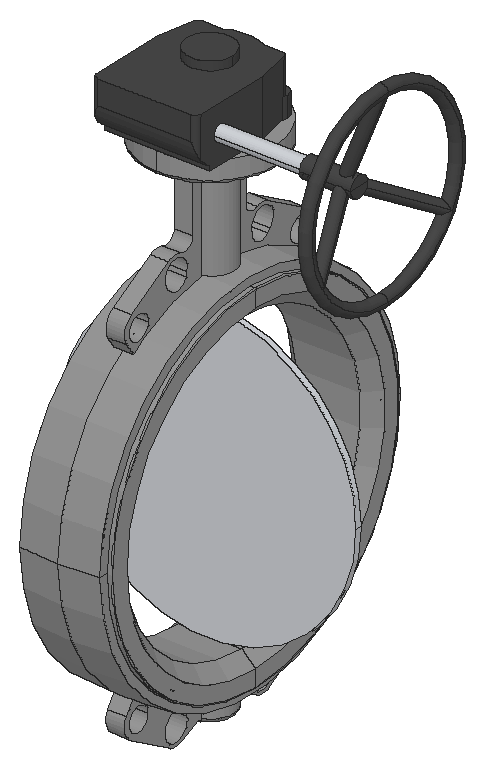
Revit family "Absperr- und Regulierklappe mit Getriebe ZF-4219", category Rohrzubehör, Revit 2019 (continued)
Automatic sketch dimensions
  Extrusion 8 sketch curve to Extrusion 8 sketch curve = 18.283 mm
  Extrusion 8 sketch curve to Extrusion 8 sketch curve = 1.34 mm  (x2)
  Extrusion 8 sketch curve to Extrusion 8 sketch curve = 29.859 mm
  Extrusion 8 sketch curve to Extrusion 8 sketch curve = 11.576 mm
  Extrusion 8 sketch curve to Extrusion 8 sketch curve = 0.007 mm  (x2)
  Extrusion 8 sketch curve to Extrusion 8 sketch curve = 11.662 mm  (x2)
  Extrusion 8 sketch curve to Extrusion 8 sketch curve = 7.405 mm
  Extrusion 8 sketch curve to Extrusion 8 sketch curve = 9.76 mm  (x2)
  Extrusion 8 sketch curve to Extrusion 8 sketch curve = 46.144 mm
  Extrusion 8 sketch curve to Extrusion 8 sketch curve = 0.006 mm
  Extrusion 8 sketch curve to Extrusion 8 sketch curve = 0.159 mm  (x2)
  Extrusion 8 sketch curve to Extrusion 8 sketch curve = 0.225 mm  (x2)
  Extrusion 8 sketch curve to Extrusion 8 sketch curve = 3.156 mm
  Extrusion 7 sketch curve to Extrusion 7 sketch curve = 0 mm  (x29)
  Extrusion 7 sketch curve to level = 0 mm
  Extrusion 7 sketch curve to plane 1 "Mitte (Vorne/hinten)" = 0 mm
  Extrusion 7 sketch curve to Extrusion 7 sketch curve = 4.987 mm  (x2)
  plane 1 "Mitte (Vorne/hinten)" to Extrusion 7 sketch curve = 42.642 mm
  Extrusion 7 sketch curve to Extrusion 7 sketch curve = 3.28 mm  (x2)
  Extrusion 7 sketch curve to Extrusion 7 sketch curve = 14.935 mm  (x2)
  Extrusion 7 sketch curve to Extrusion 7 sketch curve = 11.589 mm  (x2)
  Extrusion 7 sketch curve to Extrusion 7 sketch curve = 14.868 mm  (x2)
  Extrusion 7 sketch curve to Extrusion 7 sketch curve = 33.628 mm  (x4)
  Extrusion 7 sketch curve to Extrusion 7 sketch curve = 3.946 mm  (x4)
  Extrusion 7 sketch curve to Extrusion 7 sketch curve = 12.021 mm  (x8)
  Extrusion 7 sketch curve to Extrusion 7 sketch curve = 8.075 mm  (x8)
  plane 1 "Mitte (Vorne/hinten)" to Extrusion 7 sketch curve = 21.03 mm
  Extrusion 7 sketch curve to Extrusion 7 sketch curve = 5.5 mm
  Extrusion 7 sketch curve to Extrusion 7 sketch curve = 0.54 mm  (x2)
  Extrusion 7 sketch curve to Extrusion 7 sketch curve = 0.103 mm
  Extrusion 7 sketch curve to Extrusion 7 sketch curve = 1.99 mm  (x2)
  plane 1 "Mitte (Vorne/hinten)" to Extrusion 7 sketch curve = 18.5 mm
  Extrusion 7 sketch curve to plane 1 "Mitte (Vorne/hinten)" = 18.5 mm  (x2)
  Extrusion 7 sketch curve to Extrusion 7 sketch curve = 1.897 mm
  Extrusion 7 sketch curve to Extrusion 7 sketch curve = 2 mm
  Extrusion 7 sketch curve to Extrusion 7 sketch curve = 21.612 mm
  Extrusion 7 sketch curve to level = 59.454 mm  (x2)
  Extrusion 7 sketch curve to Extrusion 7 sketch curve = 10.049 mm  (x4)
  Extrusion 7 sketch curve to Extrusion 7 sketch curve = 20.666 mm  (x2)
  Extrusion 7 sketch curve to Extrusion 7 sketch curve = 1.725 mm  (x2)
  Extrusion 7 sketch curve to Extrusion 7 sketch curve = 12.438 mm  (x4)
  level to Extrusion 7 sketch curve = 59.454 mm  (x2)
  Extrusion 7 sketch curve to Extrusion 7 sketch curve = 15.768 mm  (x2)
  Extrusion 7 sketch curve to Extrusion 7 sketch curve = 0.361 mm  (x2)
  Extrusion 7 sketch curve to Extrusion 7 sketch curve = 69.242 mm
  Extrusion 7 sketch curve to Extrusion 7 sketch curve = 0.014 mm
  Extrusion 7 sketch curve to Extrusion 7 sketch curve = 0.29 mm  (x2)
  Extrusion 6 sketch curve to Extrusion 6 sketch curve = 0 mm  (x31)
  Extrusion 6 sketch curve to level = 0 mm
  Extrusion 6 sketch curve to plane 1 "Mitte (Vorne/hinten)" = 0 mm
  plane 1 "Mitte (Vorne/hinten)" to Extrusion 6 sketch curve = 18.5 mm  (x2)
  Extrusion 6 sketch curve to Extrusion 6 sketch curve = 1.897 mm  (x2)
  Extrusion 6 sketch curve to Extrusion 6 sketch curve = 2 mm
  Extrusion 6 sketch curve to Extrusion 6 sketch curve = 4.154 mm  (x2)
  Extrusion 6 sketch curve to Extrusion 6 sketch curve = 5.603 mm
  Extrusion 6 sketch curve to Extrusion 6 sketch curve = 12 mm  (x2)
  Extrusion 6 sketch curve to Extrusion 6 sketch curve = 21.682 mm  (x2)
  Extrusion 6 sketch curve to Extrusion 6 sketch curve = 2.182 mm  (x2)
  Extrusion 6 sketch curve to Extrusion 6 sketch curve = 11.109 mm  (x4)
  Extrusion 6 sketch curve to Extrusion 6 sketch curve = 30.529 mm  (x4)
  Extrusion 6 sketch curve to Extrusion 6 sketch curve = 4.781 mm  (x4)
  Extrusion 6 sketch curve to Extrusion 6 sketch curve = 1.414 mm  (x8)
  Extrusion 6 sketch curve to Extrusion 6 sketch curve = 7.24 mm  (x8)
  Extrusion 6 sketch curve to Extrusion 6 sketch curve = 12.021 mm  (x8)
  Extrusion 6 sketch curve to plane 1 "Mitte (Vorne/hinten)" = 18.5 mm
  Extrusion 6 sketch curve to Extrusion 6 sketch curve = 7.5 mm
  Extrusion 6 sketch curve to Extrusion 6 sketch curve = 0.103 mm
  Extrusion 6 sketch curve to level = 50.036 mm  (x2)
  Extrusion 6 sketch curve to Extrusion 6 sketch curve = 17.112 mm  (x2)
  Extrusion 6 sketch curve to Extrusion 6 sketch curve = 9.185 mm  (x4)
  Extrusion 6 sketch curve to Extrusion 6 sketch curve = 20.608 mm  (x2)
  Extrusion 6 sketch curve to Extrusion 6 sketch curve = 12.868 mm  (x3)
  Extrusion 6 sketch curve to Extrusion 6 sketch curve = 9.096 mm  (x2)
  level to Extrusion 6 sketch curve = 50.036 mm  (x2)
  Extrusion 6 sketch curve to Extrusion 6 sketch curve = 17 mm
  Extrusion 6 sketch curve to Extrusion 6 sketch curve = 56.845 mm
  Extrusion 6 sketch curve to Extrusion 6 sketch curve = 0.017 mm
  Extrusion 6 sketch curve to Extrusion 6 sketch curve = 0.29 mm  (x2)
  Extrusion 5 sketch curve to Extrusion 5 sketch curve = 0 mm  (x25)
  Extrusion 5 sketch curve to level = 0 mm
  Extrusion 5 sketch curve to plane 1 "Mitte (Vorne/hinten)" = 0 mm
  plane 1 "Mitte (Vorne/hinten)" to Extrusion 5 sketch curve = 18.5 mm  (x2)
  Extrusion 5 sketch curve to Extrusion 5 sketch curve = 0.579 mm  (x2)
  Extrusion 5 sketch curve to Extrusion 5 sketch curve = 1.897 mm  (x2)
  Extrusion 5 sketch curve to Extrusion 5 sketch curve = 0.103 mm
  Extrusion 5 sketch curve to Extrusion 5 sketch curve = 5.603 mm
  Extrusion 5 sketch curve to Extrusion 5 sketch curve = 15.942 mm  (x4)
  Extrusion 5 sketch curve to Extrusion 5 sketch curve = 13 mm  (x2)
  Extrusion 5 sketch curve to Extrusion 5 sketch curve = 11.367 mm  (x4)
  Extrusion 5 sketch curve to Extrusion 5 sketch curve = 25.663 mm  (x4)
  Extrusion 5 sketch curve to Extrusion 5 sketch curve = 4.027 mm  (x4)
  Extrusion 5 sketch curve to Extrusion 5 sketch curve = 12.021 mm  (x5)
  Extrusion 5 sketch curve to Extrusion 5 sketch curve = 9.55 mm  (x4)
  Extrusion 5 sketch curve to Extrusion 5 sketch curve = 7.5 mm
  Extrusion 5 sketch curve to plane 1 "Mitte (Vorne/hinten)" = 18.5 mm  (x2)
  Extrusion 5 sketch curve to Extrusion 5 sketch curve = 2 mm
  Extrusion 5 sketch curve to level = 38.887 mm  (x2)
  Extrusion 5 sketch curve to Extrusion 5 sketch curve = 10.986 mm  (x3)
  Extrusion 5 sketch curve to Extrusion 5 sketch curve = 10.231 mm  (x3)
  Extrusion 5 sketch curve to Extrusion 5 sketch curve = 10.467 mm  (x4)
  Extrusion 5 sketch curve to Extrusion 5 sketch curve = 12.18 mm  (x2)
  Extrusion 5 sketch curve to Extrusion 5 sketch curve = 12.641 mm  (x4)
  Extrusion 5 sketch curve to Extrusion 5 sketch curve = 9.983 mm  (x2)
  level to Extrusion 5 sketch curve = 38.887 mm  (x2)
  Extrusion 5 sketch curve to Extrusion 5 sketch curve = 21.217 mm
  Extrusion 5 sketch curve to Extrusion 5 sketch curve = 16.969 mm  (x2)
  Extrusion 5 sketch curve to Extrusion 5 sketch curve = 51.117 mm
  Extrusion 5 sketch curve to Extrusion 5 sketch curve = 0.01 mm
  Extrusion 5 sketch curve to Extrusion 5 sketch curve = 0.29 mm  (x2)
  level to Extrusion 5 sketch curve = 49.873 mm
  Extrusion 4 sketch curve to Extrusion 4 sketch curve = 0 mm  (x28)
  Extrusion 4 sketch curve to level = 0 mm
  Extrusion 4 sketch curve to plane 1 "Mitte (Vorne/hinten)" = 0 mm
  plane 1 "Mitte (Vorne/hinten)" to Extrusion 4 sketch curve = 18.5 mm  (x2)
  Extrusion 4 sketch curve to Extrusion 4 sketch curve = 1.897 mm  (x2)
  Extrusion 4 sketch curve to Extrusion 4 sketch curve = 0.103 mm  (x2)
  Extrusion 4 sketch curve to Extrusion 4 sketch curve = 5.603 mm  (x2)
  Extrusion 4 sketch curve to Extrusion 4 sketch curve = 12.115 mm  (x4)
  Extrusion 4 sketch curve to Extrusion 4 sketch curve = 9 mm  (x2)
  Extrusion 4 sketch curve to Extrusion 4 sketch curve = 11.39 mm  (x2)
  Extrusion 4 sketch curve to Extrusion 4 sketch curve = 7.005 mm  (x2)
  Extrusion 4 sketch curve to Extrusion 4 sketch curve = 22.772 mm  (x4)
  Extrusion 4 sketch curve to Extrusion 4 sketch curve = 4.597 mm  (x4)
  Extrusion 4 sketch curve to Extrusion 4 sketch curve = 1.485 mm  (x4)
  Extrusion 4 sketch curve to Extrusion 4 sketch curve = 12.021 mm  (x4)
  Extrusion 4 sketch curve to Extrusion 4 sketch curve = 9.247 mm  (x4)
  Extrusion 4 sketch curve to plane 1 "Mitte (Vorne/hinten)" = 18.5 mm  (x2)
  Extrusion 4 sketch curve to level = 31.935 mm  (x2)
  Extrusion 4 sketch curve to Extrusion 4 sketch curve = 1.34 mm  (x4)
  Extrusion 4 sketch curve to Extrusion 4 sketch curve = 10.245 mm  (x4)
  Extrusion 4 sketch curve to Extrusion 4 sketch curve = 9.866 mm  (x4)
  Extrusion 4 sketch curve to Extrusion 4 sketch curve = 9.447 mm  (x4)
  Extrusion 4 sketch curve to Extrusion 4 sketch curve = 11.077 mm  (x4)
  Extrusion 4 sketch curve to Extrusion 4 sketch curve = 11.926 mm  (x2)
  level to Extrusion 4 sketch curve = 31.935 mm  (x2)
  Extrusion 4 sketch curve to Extrusion 4 sketch curve = 12.62 mm  (x2)
  Extrusion 4 sketch curve to Extrusion 4 sketch curve = 12.99 mm  (x2)
  Extrusion 4 sketch curve to Extrusion 4 sketch curve = 41.354 mm
  Extrusion 4 sketch curve to Extrusion 4 sketch curve = 0.018 mm
  Extrusion 4 sketch curve to Extrusion 4 sketch curve = 0.29 mm  (x2)
  Extrusion 3 sketch curve to Extrusion 3 sketch curve = 0 mm  (x23)
  Extrusion 3 sketch curve to level = 0 mm
  Extrusion 3 sketch curve to plane 1 "Mitte (Vorne/hinten)" = 0 mm
  plane 1 "Mitte (Vorne/hinten)" to Extrusion 3 sketch curve = 18 mm
  Extrusion 3 sketch curve to Extrusion 3 sketch curve = 1.897 mm  (x2)
  Extrusion 3 sketch curve to Extrusion 3 sketch curve = 0.103 mm  (x2)
  plane 1 "Mitte (Vorne/hinten)" to Extrusion 3 sketch curve = 22.391 mm
  Extrusion 3 sketch curve to Extrusion 3 sketch curve = 1.414 mm  (x14)
  Extrusion 3 sketch curve to Extrusion 3 sketch curve = 6.103 mm  (x2)
  Extrusion 3 sketch curve to Extrusion 3 sketch curve = 2 mm  (x2)
  Extrusion 3 sketch curve to Extrusion 3 sketch curve = 7.709 mm  (x4)
  Extrusion 3 sketch curve to Extrusion 3 sketch curve = 13.318 mm  (x5)
  Extrusion 3 sketch curve to Extrusion 3 sketch curve = 15.842 mm  (x5)
  Extrusion 3 sketch curve to Extrusion 3 sketch curve = 10.233 mm
  Extrusion 3 sketch curve to Extrusion 3 sketch curve = 3.184 mm  (x7)
  Extrusion 3 sketch curve to Extrusion 3 sketch curve = 6.315 mm  (x8)
  Extrusion 3 sketch curve to Extrusion 3 sketch curve = 3.021 mm  (x4)
  Extrusion 3 sketch curve to Extrusion 3 sketch curve = 5.303 mm  (x8)
  Extrusion 3 sketch curve to level = 23.805 mm  (x2)
  Extrusion 3 sketch curve to Extrusion 3 sketch curve = 3.106 mm  (x6)
  level to Extrusion 3 sketch curve = 23.805 mm  (x2)
  Extrusion 3 sketch curve to Extrusion 3 sketch curve = 6.654 mm  (x4)
  Extrusion 3 sketch curve to Extrusion 3 sketch curve = 9.77 mm  (x4)
  Extrusion 3 sketch curve to plane 1 "Mitte (Vorne/hinten)" = 18 mm
  Extrusion 3 sketch curve to plane 1 "Mitte (Vorne/hinten)" = 22.391 mm
  Extrusion 3 sketch curve to Extrusion 3 sketch curve = 5.708 mm  (x2)
  Extrusion 3 sketch curve to Extrusion 3 sketch curve = 3.131 mm
  level to Extrusion 3 sketch curve = 42.831 mm
  Extrusion 3 sketch curve to Extrusion 3 sketch curve = 4.045 mm
  Extrusion 3 sketch curve to Extrusion 3 sketch curve = 12.379 mm
  Extrusion 3 sketch curve to Extrusion 3 sketch curve = 68.43 mm
  Extrusion 3 sketch curve to Extrusion 3 sketch curve = 0.003 mm
  Extrusion 3 sketch curve to Extrusion 3 sketch curve = 0.316 mm  (x2)
  curve 12 to level = 0 mm
  curve 12 to plane 3 "Mitte (Links/rechts)" = 0 mm
  plane 1 "Mitte (Vorne/hinten)" to curve 6 = 0 mm
  curve 6 to plane 3 "Mitte (Links/rechts)" = 0 mm
  Revolve 1 sketch curve to plane 1 "Mitte (Vorne/hinten)" = 0 mm
  Revolve 1 sketch curve to Revolve 1 sketch curve = 0.987 mm
  Revolve 1 sketch curve to Revolve 1 sketch curve = 1.5 mm  (x4)
  Revolve 1 sketch curve to Revolve 1 sketch curve = 0.513 mm
  Revolve 1 sketch curve to Revolve 1 sketch curve = 0.915 mm  (x2)
  Revolve 1 sketch curve to Revolve 1 sketch curve = 1978.5 mm  (x2)
  Revolve 11 sketch curve to plane 1 "Mitte (Vorne/hinten)" = 0 mm  (x2)
  Revolve 11 sketch curve to Revolve 11 sketch curve = 3 mm
  Revolve 11 sketch curve to Revolve 11 sketch curve = 459.992 mm
  level to Revolve 11 sketch curve = 2741.474 mm
  Revolve 12 sketch curve to plane 1 "Mitte (Vorne/hinten)" = 0 mm  (x3)
  Revolve 12 sketch curve to Revolve 12 sketch curve = 1.895 mm
  Revolve 12 sketch curve to Revolve 12 sketch curve = 2 mm  (x2)
  Revolve 12 sketch curve to Revolve 12 sketch curve = 0.105 mm
  Revolve 12 sketch curve to level = 520.992 mm
  Revolve 12 sketch curve to Revolve 12 sketch curve = 2616.474 mm
  Revolve 13 sketch curve to level = 0 mm
  Revolve 13 sketch curve to Revolve 13 sketch curve = 1.492 mm
  Revolve 13 sketch curve to Revolve 13 sketch curve = 0.18 mm  (x2)
  Revolve 13 sketch curve to Revolve 13 sketch curve = 5.027 mm
  Revolve 13 sketch curve to Revolve 13 sketch curve = 1 mm
  Revolve 13 sketch curve to Revolve 13 sketch curve = 0.999 mm  (x2)
  Revolve 13 sketch curve to Revolve 13 sketch curve = 0.27 mm
  Revolve 13 sketch curve to Revolve 13 sketch curve = 0.957 mm
  Revolve 13 sketch curve to Revolve 13 sketch curve = 1328.99 mm
  Revolve 13 sketch curve to Revolve 13 sketch curve = 1875.983 mm
  Extrusion 14 sketch curve to level = 0 mm
  Extrusion 14 sketch curve to plane 3 "Mitte (Links/rechts)" = 0 mm
  radius of Extrusion 10 sketch curve = 12 mm  (x4)
  radius of Extrusion 9 sketch curve = 9.5 mm  (x4)
  radius of Extrusion 9 sketch curve = 14 mm  (x4)
  radius of Extrusion 7 sketch curve = 11.5 mm  (x4)
  radius of Extrusion 7 sketch curve = 9.5 mm  (x4)
  radius of Extrusion 6 sketch curve = 9.5 mm  (x8)
  radius of Extrusion 5 sketch curve = 9.5 mm  (x8)
  radius of Extrusion 4 sketch curve = 9.5 mm  (x8)
  radius of curve 12 = 7 mm
  radius of curve 6 = 5 mm
Nested families
  nested 1: "Herz-Logo-vorne" at (-23, 0, 197.5), type "Herz-Logo-vorne"
  nested 2: "Getriebe für Klappe DN50-DN200" at (0, 0, 125), visible <- "DN 50", type "Getriebe für Klappe DN50-DN200"
  nested 3: "Getriebe für Klappe DN50-DN200" at (0, 0, 149.5), visible <- "DN 65", type "Getriebe für Klappe DN50-DN200"
  nested 4: "Getriebe für Klappe DN50-DN200" at (0, 0, 156.5), visible <- "DN 80", type "Getriebe für Klappe DN50-DN200"
  nested 5: "Getriebe für Klappe DN50-DN200" at (0, 0, 182), visible <- "DN100", type "Getriebe für Klappe DN50-DN200"
  nested 6: "Getriebe für Klappe DN50-DN200" at (0, 0, 201), visible <- "DN125", type "Getriebe für Klappe DN50-DN200"
  nested 7: "Getriebe für Klappe DN50-DN200" at (0, 0, 214), visible <- "DN150", type "Getriebe für Klappe DN50-DN200"
  nested 8: "Getriebe für Klappe DN50-DN200" at (0, 0, 245), visible <- "DN200", type "Getriebe für Klappe DN50-DN200"
  nested 9: "Getriebe für Klappe DN250-DN300" at (0, 0, 283), visible <- "DN250", type "Getriebe für Klappe DN250-DN300"
  nested 10: "Getriebe für Klappe DN250-DN300" at (0, 0, 308), visible <- "DN300", type "Getriebe für Klappe DN250-DN300"
Connectors
  piping at (44.7, 0, 0), diameter 300, driven by "Nennweite"
    settings: on Revolve 13, index 1, connector inside diameter 609.6 mm, connector length 0 mm, flow factor 0, pipe flow 0.0 L/s, pressure drop 0.0 Pa, fitting loss kfactor 0, connector angle 0.00°, fixture units 0, engagement length 0 mm, angle of deflection 0.00°, flow configuration 0, flow direction 0, fitting loss method 0, system type 29, joint type 0, gender type 0, connector reference index -1, connector utility 0, adjustable connector no, is connector primary yes, connector description ""
  piping at (-44.7, 0, 0), diameter 300, driven by "Nennweite"
    settings: on Revolve 13, index 2, connector inside diameter 609.6 mm, connector length 0 mm, flow factor 0, pipe flow 0.0 L/s, pressure drop 0.0 Pa, fitting loss kfactor 0, connector angle 0.00°, fixture units 0, engagement length 0 mm, angle of deflection 0.00°, flow configuration 0, flow direction 0, fitting loss method 0, system type 29, joint type 0, gender type 0, connector reference index -1, connector utility 0, adjustable connector no, is connector primary no, connector description ""
Definition of nested family "Herz-Logo-vorne"
  Reference planes
    plane 1 "Mitte (Vorne/hinten)": y = 0
    plane 2: z = 0
    plane 3 "Mitte (Links/rechts)": x = 0
  Forms (mm)
    Extrusion 1, solid
      sketch origin (0.732, -0.018, 0.017) x (0, -1, 0) y (0, 0, 1)
        loop
          line (-0.018, -4.517) -> (4.482, -4.517) -> (4.482, 4.483) -> (-4.518, 4.483) -> (-4.518, -4.517) -> (-0.018, -4.517)
        loop
          line (-0.05, -3.48) -> (3.482, -3.48) -> (3.482, 3.483) -> (-3.518, 3.483) -> (-3.518, -3.48) -> (-0.05, -3.48)
        loop
          arc (-0.018, 2.383) -> (-1.543, 3.287) -> (-3.067, 2.383) r 1.738
          arc (-3.067, 2.383) -> (-3.191, 1.899) -> (-3.067, 1.415) r 1.009
          line (-3.067, 1.415) -> (-0.018, -3.281) -> (3.032, 1.415)
          arc (3.032, 1.415) -> (3.156, 1.899) -> (3.032, 2.383) r 1.009
          arc (3.032, 2.383) -> (1.507, 3.287) -> (-0.018, 2.383) r 1.738
        loop
          arc (1.885, 1.272) -> (2.005, 1.675) -> (1.885, 2.079) r 0.74
          arc (1.885, 2.079) -> (1.265, 2.416) -> (0.644, 2.079) r 0.74
          line (0.644, 2.079) -> (-0.018, 0.97) -> (-0.679, 2.079)
          arc (-0.679, 2.079) -> (-1.3, 2.416) -> (-1.921, 2.079) r 0.74
          arc (-1.921, 2.079) -> (-2.04, 1.675) -> (-1.921, 1.272) r 0.74
          line (-1.921, 1.272) -> (-0.018, -1.658) -> (1.885, 1.272)
      from 0 to 1.5
  Dimensions and locks
    aligned and locked: level to plane 2
Definition of nested family "Getriebe für Klappe DN50-DN200"
  Parameters (values of type "Getriebe für Klappe DN50-DN200")
    W01 = 11.19°  # constant formula
    URL = "www.herz-armaturen.at"
    R07 = 92 mm  # constant formula
    R06 = 6 mm  # constant formula
    R05 = 10 mm  # constant formula
    R04 = 7.5 mm  # constant formula
    R03 = 10.5 mm  # constant formula
    R02 = 5.4 mm  # constant formula
    R01 = 44.9 mm  # constant formula
    M01 = 37 mm  # constant formula
    L03 = 52 mm  # constant formula
    L02 = 39.6 mm  # constant formula
    L01 = 80 mm  # constant formula
    Manufacturer = "Herz-Armaturen GmbH"  # constant formula
    H03 = 28.6 mm  # constant formula
    H02 = 20 mm  # constant formula
    H01 = 54 mm  # constant formula
    B05 = 209 mm  # constant formula
    B04 = 22 mm  # constant formula
    B03 = 50 mm  # constant formula
    B02 = 159 mm  # constant formula
    B01 = 51 mm  # constant formula
    A01 = 28.6 mm  # constant formula
  Reference planes
    plane 1 "Mitte (Vorne/hinten)": y = 0
    plane 2: z = 0
    plane 3 "Mitte (Links/rechts)": x = 0
  Forms (mm)
    Extrusion 1, solid, detail levels fine
      sketch origin (0, 0, 0) x (1, 0, 0) y (0, 1, 0)
        loop
          line (51, 0) -> (43.999, 35.392)
          arc (43.999, 35.392) -> (42.103, 38.419) -> (38.732, 39.6) r 5.4
          line (38.732, 39.6) -> (20.252, 39.6)
          arc (20.252, 39.6) -> (0, 44.427) -> (-20.252, 39.6) r 44.9
          line (-20.252, 39.6) -> (-38.732, 39.6)
          arc (-38.732, 39.6) -> (-42.103, 38.419) -> (-43.999, 35.392) r 5.4
          line (-43.999, 35.392) -> (-51, 0) -> (-51, -74.6)
          arc (-51, -74.6) -> (-49.418, -78.418) -> (-45.6, -80) r 5.4
          line (-45.6, -80) -> (45.6, -80)
          arc (45.6, -80) -> (49.418, -78.418) -> (51, -74.6) r 5.4
          line (51, -74.6) -> (51, 0)
      from 0 to 54
    Extrusion 2, solid, detail levels fine
      sketch origin (0, 0, 0) x (1, 0, 0) y (0, 1, 0)
        loop
          circle (-35.7, 37) r 10.5
        loop
          circle (35.7, 37) r 10.5
      from 0 to 20
    Extrusion 3, void
      sketch origin (0, 0, 0) x (0, 1, 0) y (0, 0, 1)
        loop
          line (-80, 0) -> (-64.573, 0) -> (-64.573, 4.9)
          arc (-64.573, 4.9) -> (-75.841, 15.433) -> (-80, 30.286) r 28.6
          line (-80, 30.286) -> (-80, 0)
      from -51 to 51
    Revolve 4, solid, detail levels fine
      sketch origin (0, 0, 28.6) x (1, 0, 0) y (0, 1, 0)
        loop
          line (0, -52) -> (0, -59.5) -> (159, -59.5) -> (159, -52) -> (0, -52)
        axis (0, -52) -> (159, -52)
      angle from 0 to 360
    Extrusion 5, solid, detail levels fine
      sketch origin (0, 0, 0) x (1, 0, 0) y (0, 1, 0)
        loop
          circle (0, 0) r 22.3
      from 54 to 63
    Revolve 6, solid, detail levels fine
      sketch origin (0, -52, 28.6) x (1, 0, 0) y (0, 0, 1)
        loop
          circle (209, 92) r 6
        axis (203, 0) -> (215, 0)
      angle from 0 to 360
    Revolve 7, solid, detail levels fine
      sketch origin (0, -52, 0) x (1, 0, 0) y (0, 0, 1)
        loop
          line (209, 120.6) -> (172, 28.6) -> (177.567, 26.361) -> (214.567, 118.361) -> (209, 120.6)
        axis (172, 28.6) -> (209, 120.6)
      angle from 0 to 360
    Revolve 8, solid, detail levels fine
      sketch origin (0, 0, 28.6) x (1, 0, 0) y (0, 1, 0)
        loop
          line (137, -59.5) -> (137, -62) -> (187, -62) -> (187, -52) -> (159, -52) -> (159, -59.5) -> (137, -59.5)
        axis (137, -52) -> (187, -52)
      angle from 0 to 360
    Revolve 9, solid, detail levels fine
      sketch origin (0, -27.232, 42.9) x (1, 0, 0) y (0, -0.866025, -0.5)
        loop
          line (209, 120.6) -> (172, 28.6) -> (177.567, 26.361) -> (214.567, 118.361) -> (209, 120.6)
        axis (172, 28.6) -> (209, 120.6)
      angle from 0 to 360
    Revolve 10, solid, detail levels fine
      sketch origin (0, -76.768, 42.9) x (1, 0, 0) y (0, 0.866025, -0.5)
        loop
          line (209, 120.6) -> (172, 28.6) -> (177.567, 26.361) -> (214.567, 118.361) -> (209, 120.6)
        axis (172, 28.6) -> (209, 120.6)
      angle from 0 to 360
  Cuts and joins
    Extrusion 3 cuts Extrusion 1
  Dimensions and locks
    "B01": Extrusion 1 sketch curve to plane 3 "Mitte (Links/rechts)"
    "B01": plane 3 "Mitte (Links/rechts)" to Extrusion 1 sketch curve
    "L02": plane 1 "Mitte (Vorne/hinten)" to Extrusion 1 sketch curve  (x2)
    "L01": Extrusion 1 sketch curve to plane 1 "Mitte (Vorne/hinten)"
    "M01": plane 1 "Mitte (Vorne/hinten)" to Extrusion 2 sketch curve  (x2)
    "H01": Extrusion 1 to plane 2
    "H02": Extrusion 2 to plane 2
    "L03": Revolve 4 sketch curve to plane 1 "Mitte (Vorne/hinten)"
    "R04": Revolve 4 sketch curve to Revolve 4 sketch curve
    "B02": Revolve 4 sketch curve to Revolve 4 sketch curve
    "H03": Revolve 8 to plane 2
    "H03": Revolve 4 to plane 2
    "L03": Revolve 8 sketch curve to plane 1 "Mitte (Vorne/hinten)"
    "B02": plane 3 "Mitte (Links/rechts)" to Revolve 8 sketch curve
    "R05": Revolve 8 sketch curve to Revolve 8 sketch curve
    "B03": Revolve 8 sketch curve to Revolve 8 sketch curve
    "B04": Revolve 8 sketch curve to Revolve 8 sketch curve
    "R04": Revolve 8 sketch curve to Revolve 8 sketch curve
    "B05": Revolve 6 sketch curve to plane 3 "Mitte (Links/rechts)"
    "R07": Revolve 6 sketch curve to Revolve 6 sketch curve
    "A01": plane 2 to Revolve 6 sketch curve
    "R02": radius of Extrusion 1 sketch curve  (x4)
    "R01": radius of Extrusion 1 sketch curve
    "R03": radius of Extrusion 2 sketch curve  (x2)
    "R06": radius of Revolve 6 sketch curve
    "W01": angle Extrusion 1 sketch curve to Extrusion 1 sketch curve  (x2)
    aligned and locked: level to plane 2
  Automatic sketch dimensions
    Extrusion 3 sketch curve to level = 0 mm
    plane 1 "Mitte (Vorne/hinten)" to Extrusion 3 sketch curve = 80 mm
    Extrusion 3 sketch curve to Extrusion 3 sketch curve = 15.427 mm
    Extrusion 3 sketch curve to Extrusion 3 sketch curve = 13.173 mm
    level to Extrusion 3 sketch curve = 4.9 mm
    plane 1 "Mitte (Vorne/hinten)" to Extrusion 5 sketch curve = 0 mm
    Extrusion 5 sketch curve to plane 3 "Mitte (Links/rechts)" = 0 mm
    level to Revolve 7 sketch curve = 28.6 mm  (x2)
    plane 3 "Mitte (Links/rechts)" to Revolve 7 sketch curve = 172 mm
    level to Revolve 7 sketch curve = 26.361 mm
    Revolve 7 sketch curve to Revolve 7 sketch curve = 5.567 mm
    level to Revolve 7 sketch curve = 120.6 mm
    Revolve 7 sketch curve to Revolve 7 sketch curve = 0 mm  (x3)
    plane 3 "Mitte (Links/rechts)" to Revolve 10 sketch curve = 172 mm
    Revolve 10 sketch curve to Revolve 10 sketch curve = 5.567 mm
    Revolve 10 sketch curve to Revolve 10 sketch curve = 37 mm
    Revolve 10 sketch curve to Revolve 10 sketch curve = 2.239 mm
    Revolve 10 sketch curve to Revolve 10 sketch curve = 0 mm  (x4)
    plane 3 "Mitte (Links/rechts)" to Revolve 9 sketch curve = 172 mm
    Revolve 9 sketch curve to Revolve 9 sketch curve = 5.567 mm
    Revolve 9 sketch curve to Revolve 9 sketch curve = 37 mm
    Revolve 9 sketch curve to Revolve 9 sketch curve = 2.239 mm
    Revolve 9 sketch curve to Revolve 9 sketch curve = 0 mm  (x4)
    Extrusion 1 sketch curve to plane 3 "Mitte (Links/rechts)" = 0 mm
    plane 1 "Mitte (Vorne/hinten)" to Extrusion 1 sketch curve = 0 mm  (x2)
    Extrusion 1 sketch curve to plane 1 "Mitte (Vorne/hinten)" = 35.392 mm
    Extrusion 1 sketch curve to Extrusion 1 sketch curve = 18.48 mm  (x2)
    Extrusion 2 sketch curve to plane 3 "Mitte (Links/rechts)" = 35.7 mm
    plane 3 "Mitte (Links/rechts)" to Extrusion 2 sketch curve = 35.7 mm
    Revolve 4 sketch curve to plane 3 "Mitte (Links/rechts)" = 0 mm  (x2)
    Revolve 4 sketch curve to Revolve 4 sketch curve = 0 mm  (x2)
    Revolve 6 sketch curve to plane 3 "Mitte (Links/rechts)" = 1506.53 mm
    Revolve 6 sketch curve to Revolve 6 sketch curve = 1630.148 mm
    Revolve 8 sketch curve to Revolve 8 sketch curve = 7.5 mm
    Revolve 8 sketch curve to Revolve 8 sketch curve = 0 mm  (x2)
    radius of Extrusion 5 sketch curve = 22.3 mm
Definition of nested family "Getriebe für Klappe DN250-DN300"
  Parameters (values of type "Getriebe für Klappe DN250-DN300")
    W01 = 11.19°  # constant formula
    URL = "www.herz-armaturen.at"
    R07 = 92 mm  # constant formula
    R06 = 6 mm  # constant formula
    R05 = 10 mm  # constant formula
    R04 = 7.5 mm  # constant formula
    R03 = 10.5 mm  # constant formula
    R02 = 5.4 mm  # constant formula
    R01 = 44.9 mm  # constant formula
    M01 = 37 mm  # constant formula
    L03 = 52 mm  # constant formula
    L02 = 39.6 mm  # constant formula
    L01 = 80 mm  # constant formula
    Manufacturer = "Herz-Armaturen GmbH"  # constant formula
    H03 = 28.6 mm  # constant formula
    H02 = 20 mm  # constant formula
    H01 = 54 mm  # constant formula
    B05 = 209 mm  # constant formula
    B04 = 22 mm  # constant formula
    B03 = 50 mm  # constant formula
    B02 = 159 mm  # constant formula
    B01 = 51 mm  # constant formula
    A01 = 28.6 mm  # constant formula
  Reference planes
    plane 1 "Mitte (Vorne/hinten)": y = 0
    plane 2: z = 0
    plane 3 "Mitte (Links/rechts)": x = 0
  Forms (mm)
    Extrusion 1, solid, detail levels fine
      sketch origin (0, 0, 0) x (1, 0, 0) y (0, 1, 0)
        loop
          line (51, 0) -> (43.999, 35.392)
          arc (43.999, 35.392) -> (42.103, 38.419) -> (38.732, 39.6) r 5.4
          line (38.732, 39.6) -> (20.252, 39.6)
          arc (20.252, 39.6) -> (0, 44.427) -> (-20.252, 39.6) r 44.9
          line (-20.252, 39.6) -> (-38.732, 39.6)
          arc (-38.732, 39.6) -> (-42.103, 38.419) -> (-43.999, 35.392) r 5.4
          line (-43.999, 35.392) -> (-51, 0) -> (-51, -74.6)
          arc (-51, -74.6) -> (-49.418, -78.418) -> (-45.6, -80) r 5.4
          line (-45.6, -80) -> (45.6, -80)
          arc (45.6, -80) -> (49.418, -78.418) -> (51, -74.6) r 5.4
          line (51, -74.6) -> (51, 0)
      from 0 to 54
    Extrusion 2, solid, detail levels fine
      sketch origin (0, 0, 0) x (1, 0, 0) y (0, 1, 0)
        loop
          circle (-35.7, 37) r 10.5
        loop
          circle (35.7, 37) r 10.5
      from 0 to 20
    Extrusion 3, void
      sketch origin (0, 0, 0) x (0, 1, 0) y (0, 0, 1)
        loop
          line (-80, 0) -> (-64.573, 0) -> (-64.573, 4.9)
          arc (-64.573, 4.9) -> (-75.841, 15.433) -> (-80, 30.286) r 28.6
          line (-80, 30.286) -> (-80, 0)
      from -51 to 51
    Revolve 4, solid, detail levels fine
      sketch origin (0, 0, 28.6) x (1, 0, 0) y (0, 1, 0)
        loop
          line (0, -52) -> (0, -59.5) -> (159, -59.5) -> (159, -52) -> (0, -52)
        axis (0, -52) -> (159, -52)
      angle from 0 to 360
    Extrusion 5, solid, detail levels fine
      sketch origin (0, 0, 0) x (1, 0, 0) y (0, 1, 0)
        loop
          circle (0, 0) r 22.3
      from 54 to 62.5
    Revolve 6, solid, detail levels fine
      sketch origin (0, -52, 28.6) x (1, 0, 0) y (0, 0, 1)
        loop
          circle (209, 92) r 6
        axis (203, 0) -> (215, 0)
      angle from 0 to 360
    Revolve 7, solid, detail levels fine
      sketch origin (0, -52, 0) x (1, 0, 0) y (0, 0, 1)
        loop
          line (209, 120.6) -> (172, 28.6) -> (177.567, 26.361) -> (214.567, 118.361) -> (209, 120.6)
        axis (172, 28.6) -> (209, 120.6)
      angle from 0 to 360
    Revolve 8, solid, detail levels fine
      sketch origin (0, 0, 28.6) x (1, 0, 0) y (0, 1, 0)
        loop
          line (137, -59.5) -> (137, -62) -> (187, -62) -> (187, -52) -> (159, -52) -> (159, -59.5) -> (137, -59.5)
        axis (137, -52) -> (187, -52)
      angle from 0 to 360
    Revolve 9, solid, detail levels fine
      sketch origin (0, -27.232, 42.9) x (1, 0, 0) y (0, -0.866025, -0.5)
        loop
          line (209, 120.6) -> (172, 28.6) -> (177.567, 26.361) -> (214.567, 118.361) -> (209, 120.6)
        axis (172, 28.6) -> (209, 120.6)
      angle from 0 to 360
    Revolve 10, solid, detail levels fine
      sketch origin (0, -76.768, 42.9) x (1, 0, 0) y (0, 0.866025, -0.5)
        loop
          line (209, 120.6) -> (172, 28.6) -> (177.567, 26.361) -> (214.567, 118.361) -> (209, 120.6)
        axis (172, 28.6) -> (209, 120.6)
      angle from 0 to 360
  Cuts and joins
    Extrusion 3 cuts Extrusion 1
  Dimensions and locks
    "B01": Extrusion 1 sketch curve to plane 3 "Mitte (Links/rechts)"
    "B01": plane 3 "Mitte (Links/rechts)" to Extrusion 1 sketch curve
    "L02": plane 1 "Mitte (Vorne/hinten)" to Extrusion 1 sketch curve  (x2)
    "L01": Extrusion 1 sketch curve to plane 1 "Mitte (Vorne/hinten)"
    "M01": plane 1 "Mitte (Vorne/hinten)" to Extrusion 2 sketch curve  (x2)
    "H01": Extrusion 1 to plane 2
    "H02": Extrusion 2 to plane 2
    "L03": Revolve 4 sketch curve to plane 1 "Mitte (Vorne/hinten)"
    "R04": Revolve 4 sketch curve to Revolve 4 sketch curve
    "B02": Revolve 4 sketch curve to Revolve 4 sketch curve
    "H03": Revolve 8 to plane 2
    "H03": Revolve 4 to plane 2
    "L03": Revolve 8 sketch curve to plane 1 "Mitte (Vorne/hinten)"
    "B02": plane 3 "Mitte (Links/rechts)" to Revolve 8 sketch curve
    "R05": Revolve 8 sketch curve to Revolve 8 sketch curve
    "B03": Revolve 8 sketch curve to Revolve 8 sketch curve
    "B04": Revolve 8 sketch curve to Revolve 8 sketch curve
    "R04": Revolve 8 sketch curve to Revolve 8 sketch curve
    "B05": Revolve 6 sketch curve to plane 3 "Mitte (Links/rechts)"
    "R07": Revolve 6 sketch curve to Revolve 6 sketch curve
    "A01": plane 2 to Revolve 6 sketch curve
    "R02": radius of Extrusion 1 sketch curve  (x4)
    "R01": radius of Extrusion 1 sketch curve
    "R03": radius of Extrusion 2 sketch curve  (x2)
    "R06": radius of Revolve 6 sketch curve
    "W01": angle Extrusion 1 sketch curve to Extrusion 1 sketch curve  (x2)
    aligned and locked: level to plane 2
  Automatic sketch dimensions
    Extrusion 3 sketch curve to level = 0 mm
    plane 1 "Mitte (Vorne/hinten)" to Extrusion 3 sketch curve = 80 mm
    Extrusion 3 sketch curve to Extrusion 3 sketch curve = 15.427 mm
    Extrusion 3 sketch curve to Extrusion 3 sketch curve = 13.173 mm
    level to Extrusion 3 sketch curve = 4.9 mm
    plane 1 "Mitte (Vorne/hinten)" to Extrusion 5 sketch curve = 0 mm
    Extrusion 5 sketch curve to plane 3 "Mitte (Links/rechts)" = 0 mm
    level to Revolve 7 sketch curve = 28.6 mm  (x2)
    plane 3 "Mitte (Links/rechts)" to Revolve 7 sketch curve = 172 mm
    level to Revolve 7 sketch curve = 26.361 mm
    Revolve 7 sketch curve to Revolve 7 sketch curve = 5.567 mm
    level to Revolve 7 sketch curve = 120.6 mm
    Revolve 7 sketch curve to Revolve 7 sketch curve = 0 mm  (x3)
    plane 3 "Mitte (Links/rechts)" to Revolve 10 sketch curve = 172 mm
    Revolve 10 sketch curve to Revolve 10 sketch curve = 5.567 mm
    Revolve 10 sketch curve to Revolve 10 sketch curve = 37 mm
    Revolve 10 sketch curve to Revolve 10 sketch curve = 2.239 mm
    Revolve 10 sketch curve to Revolve 10 sketch curve = 0 mm  (x4)
    plane 3 "Mitte (Links/rechts)" to Revolve 9 sketch curve = 172 mm
    Revolve 9 sketch curve to Revolve 9 sketch curve = 5.567 mm
    Revolve 9 sketch curve to Revolve 9 sketch curve = 37 mm
    Revolve 9 sketch curve to Revolve 9 sketch curve = 2.239 mm
    Revolve 9 sketch curve to Revolve 9 sketch curve = 0 mm  (x4)
    Extrusion 1 sketch curve to plane 3 "Mitte (Links/rechts)" = 0 mm
    plane 1 "Mitte (Vorne/hinten)" to Extrusion 1 sketch curve = 0 mm  (x2)
    Extrusion 1 sketch curve to plane 1 "Mitte (Vorne/hinten)" = 35.392 mm
    Extrusion 1 sketch curve to Extrusion 1 sketch curve = 18.48 mm  (x2)
    Extrusion 2 sketch curve to plane 3 "Mitte (Links/rechts)" = 35.7 mm
    plane 3 "Mitte (Links/rechts)" to Extrusion 2 sketch curve = 35.7 mm
    Revolve 4 sketch curve to plane 3 "Mitte (Links/rechts)" = 0 mm  (x2)
    Revolve 4 sketch curve to Revolve 4 sketch curve = 0 mm  (x2)
    Revolve 6 sketch curve to plane 3 "Mitte (Links/rechts)" = 1506.53 mm
    Revolve 6 sketch curve to Revolve 6 sketch curve = 1630.148 mm
    Revolve 8 sketch curve to Revolve 8 sketch curve = 7.5 mm
    Revolve 8 sketch curve to Revolve 8 sketch curve = 0 mm  (x2)
    radius of Extrusion 5 sketch curve = 22.3 mm
